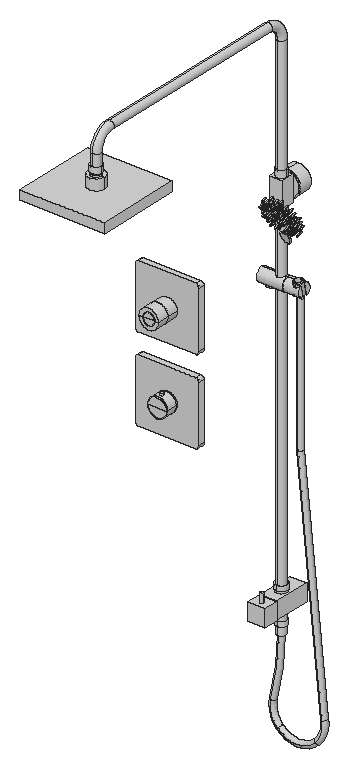
Revit family "Reece_Shower_American Standard_Cygnet_Shower Set_Twin Rail _Square", category Plumbing Fixtures, Revit 2018 (continued)
Definition of nested family "Reece_Shower_American Standard_Cygnet_Shower Rose_Square_Nested"
  Automatic sketch dimensions
    plane 5 to Extrusion 3 sketch curve = 1 mm
    plane 4 to Extrusion 3 sketch curve = 1 mm
    Extrusion 3 sketch curve to plane 7 = 1 mm
    Extrusion 3 sketch curve to plane 6 = 1 mm
    Extrusion 4 sketch curve to plane 5 = 0 mm
    Extrusion 4 sketch curve to plane 4 = 0 mm
    plane 7 to Extrusion 4 sketch curve = 0 mm
    Extrusion 4 sketch curve to plane 6 = 0 mm
    plane 5 to Extrusion 5 sketch curve = 21 mm  (x3)
    Extrusion 5 sketch curve to Extrusion 5 sketch curve = 0 mm  (x94)
    Extrusion 5 sketch curve to Extrusion 5 sketch curve = 4 mm  (x287)
    Extrusion 5 sketch curve to Extrusion 5 sketch curve = 10 mm  (x142)
    Extrusion 5 sketch curve to plane 1 "Center (Front/Back)" = 5 mm  (x12)
    Extrusion 5 sketch curve to plane 3 "Center (Left/Right)" = 9 mm  (x12)
    plane 3 "Center (Left/Right)" to Extrusion 5 sketch curve = 5 mm  (x12)
    Extrusion 5 sketch curve to Extrusion 5 sketch curve = 8.225 mm
    Extrusion 5 sketch curve to Extrusion 5 sketch curve = 5.775 mm
    plane 1 "Center (Front/Back)" to Extrusion 5 sketch curve = 5 mm  (x12)
    plane 5 to Extrusion 6 sketch curve = 1 mm
    plane 4 to Extrusion 6 sketch curve = 1 mm
    Extrusion 6 sketch curve to plane 7 = 1 mm
    Extrusion 6 sketch curve to plane 6 = 1 mm
Definition of nested family "Reece_Shower_American Standard_EasySet_Thermostatic Mixer_Nested"
  Parameters (values of type "Chrome")
    Waste Connection = no
    WFU = 0
    Vent Connection = no
    URL = ""
    Type Comments = ""
    Reece_Material_Main [instance] = none
    Model = ""
    Manufacturer = ""
    Keynote = ""
    HWFU = 0
    HW Connection = no
    Description = ""
    Default Elevation = 0 mm
    Cost = 0
    CWFU = 0
    CW Connection = no
    Assembly Code = ""
  Reference planes
    plane 1 "Center (Front/Back)": y = 0
    plane 2: z = 0
    plane 3 "Center (Left/Right)": x = 0
    plane 4: x = 75.5
    plane 5: x = -75.5
    plane 6: y = 75.5
    plane 7: y = -75.5
  Forms (mm)
    Extrusion 1, solid
      sketch origin (619.2, 20, 0) x (1, 0, 0) y (0, 1, 0)
        loop
          line (-819.2, 180) -> (-819.2, -220) -> (-419.2, -220) -> (-419.2, 180) -> (-819.2, 180)
      from 0 to -35.776
    Extrusion 2, solid, material <- "Reece_Material_Main"
      sketch origin (0, 0, 0) x (1, 0, 0) y (0, 1, 0)
        loop
          arc (-67.5, 75.5) -> (-73.157, 73.157) -> (-75.5, 67.5) r 8
          line (-75.5, 67.5) -> (-75.5, -67.5)
          arc (-75.5, -67.5) -> (-73.157, -73.157) -> (-67.5, -75.5) r 8
          line (-67.5, -75.5) -> (67.5, -75.5)
          arc (67.5, -75.5) -> (73.157, -73.157) -> (75.5, -67.5) r 8
          line (75.5, -67.5) -> (75.5, 67.5)
          arc (75.5, 67.5) -> (73.157, 73.157) -> (67.5, 75.5) r 8
          line (67.5, 75.5) -> (-67.5, 75.5)
      from 0 to 13.5
    Revolve 3, solid, material <- "Reece_Material_Main"
      sketch origin (0, 0, 0) x (1, 0, 0) y (0, 0, 1)
        loop
          line (0, 43.5) -> (-22, 43.5)
          arc (-22, 43.5) -> (-22.707, 43.207) -> (-23, 42.5) r 1
          line (-23, 42.5) -> (-23, 16.5) -> (-22, 16.5) -> (-22, 15.5) -> (-23, 15.5) -> (-23, 13.5) -> (0, 13.5) -> (0, 43.5)
        axis (0, 43.5) -> (0, 13.5)
      angle from 0 to 360
    Extrusion 4, solid, material <- "Reece_Material_Main"
      sketch origin (0, 0, 2.509) x (1, 0, 0) y (0, 0, 1)
        loop
          circle (0, 27.491) r 4
      from 22 to 26
    Extrusion 5, void
      sketch origin (0, 0, 0) x (1, 0, 0) y (0, 1, 0)
        loop
          circle (0, 0) r 22.5
      from 0 to 13.5
  Cuts and joins
    Extrusion 5 cuts Extrusion 2
    joined: Extrusion 2, Revolve 3, Extrusion 4
  Text (mm)
    text "Reece Copyright © 2018, Reece Ltd." at (-684.407, -223.434, 0), in view "Ref. Level"
    text "Reece ©" at (290.323, 26.521, 334.836), in view "Reece_Preview"
  Dimensions and locks
    plane 5 to plane 4 = 151 mm
    plane 6 to plane 7 = 151 mm
    equal spacing: plane 5, plane 3 "Center (Left/Right)", plane 4
    equal spacing: plane 6, plane 1 "Center (Front/Back)", plane 7
    aligned and locked: Extrusion 1 to plane 2
    aligned and locked: level to Extrusion 1
    aligned and locked: Revolve 3 sketch curve to plane 3 "Center (Left/Right)"
  Automatic sketch dimensions
    Extrusion 1 sketch curve to Extrusion 1 sketch curve = 400 mm  (x2)
    Extrusion 2 sketch curve to plane 5 = 0 mm
    Extrusion 2 sketch curve to plane 7 = 0 mm
    Extrusion 2 sketch curve to plane 6 = 0 mm
    Extrusion 2 sketch curve to plane 4 = 0 mm
    Extrusion 2 sketch curve to plane 5 = 8 mm
    Extrusion 2 sketch curve to Extrusion 2 sketch curve = 8 mm  (x2)
    plane 4 to Extrusion 2 sketch curve = 8 mm
    Extrusion 4 sketch curve to plane 3 "Center (Left/Right)" = 0 mm
    level to Extrusion 4 sketch curve = 30 mm
    Revolve 3 sketch curve to Revolve 3 sketch curve = 22 mm
    Revolve 3 sketch curve to Revolve 3 sketch curve = 23 mm
    level to Revolve 3 sketch curve = 13.5 mm
    Revolve 3 sketch curve to Revolve 3 sketch curve = 0 mm  (x2)
    Revolve 3 sketch curve to level = 6.5 mm
    Revolve 3 sketch curve to Revolve 3 sketch curve = 2 mm
    Revolve 3 sketch curve to Revolve 3 sketch curve = 26 mm
    Revolve 3 sketch curve to Revolve 3 sketch curve = 10 mm
    Revolve 3 sketch curve to Revolve 3 sketch curve = 1 mm
    Revolve 3 sketch curve to plane 3 "Center (Left/Right)" = 0 mm
    plane 1 "Center (Front/Back)" to Extrusion 5 sketch curve = 0 mm
    Extrusion 5 sketch curve to plane 3 "Center (Left/Right)" = 0 mm
    radius of Extrusion 4 sketch curve = 4 mm
    radius of Extrusion 5 sketch curve = 22.5 mm
Definition of nested family "Reece_Shower_American Standard_EasySET_Hand Shower Controller_Nested"
  Parameters (values of type "Chrome")
    Waste Connection = no
    WFU = 0
    Vent Connection = no
    URL = ""
    Type Comments = ""
    Reece_Material_Main [instance] = none
    Model = ""
    Manufacturer = ""
    Keynote = ""
    HWFU = 0
    HW Connection = no
    Description = ""
    Default Elevation = 0 mm
    Cost = 0
    CWFU = 0
    CW Connection = no
    Assembly Code = ""
  Reference planes
    plane 1 "Center (Front/Back)": y = 0
    plane 2: z = 0
    plane 3 "Center (Left/Right)": x = 0
    plane 4: x = 75.5
    plane 5: x = -75.5
    plane 6: y = 75.5
    plane 7: y = -75.5
  Forms (mm)
    Extrusion 1, solid
      sketch origin (619.2, 20, 0) x (1, 0, 0) y (0, 1, 0)
        loop
          line (-819.2, 180) -> (-819.2, -220) -> (-419.2, -220) -> (-419.2, 180) -> (-819.2, 180)
      from 0 to -35.776
    Extrusion 2, solid, material <- "Reece_Material_Main"
      sketch origin (0, 0, 0) x (1, 0, 0) y (0, 1, 0)
        loop
          arc (-67.5, 75.5) -> (-73.157, 73.157) -> (-75.5, 67.5) r 8
          line (-75.5, 67.5) -> (-75.5, -67.5)
          arc (-75.5, -67.5) -> (-73.157, -73.157) -> (-67.5, -75.5) r 8
          line (-67.5, -75.5) -> (67.5, -75.5)
          arc (67.5, -75.5) -> (73.157, -73.157) -> (75.5, -67.5) r 8
          line (75.5, -67.5) -> (75.5, 67.5)
          arc (75.5, 67.5) -> (73.157, 73.157) -> (67.5, 75.5) r 8
          line (67.5, 75.5) -> (-67.5, 75.5)
      from 0 to 13.5
    Revolve 3, solid, material <- "Reece_Material_Main"
      sketch origin (0, 0, 0) x (1, 0, 0) y (0, 0, 1)
        loop
          line (0, 68.5) -> (-23, 68.5) -> (-23, 41.5) -> (-22, 41.5) -> (-22, 40.5) -> (-23, 40.5) -> (-23, 13.5) -> (0, 13.5) -> (0, 68.5)
        axis (0, 68.5) -> (0, 13.5)
      angle from 0 to 360
    Extrusion 4, void
      sketch origin (0, 0, 0) x (1, 0, 0) y (0, 1, 0)
        loop
          circle (0, 0) r 13.8
        loop
          circle (0, 0) r 14
      from 68 to 69.956
    Extrusion 5, void
      sketch origin (0, 0, 0) x (1, 0, 0) y (0, 1, 0)
        loop
          circle (0, 0) r 22.5
      from 0 to 13.5
  Cuts and joins
    Extrusion 4, Extrusion 5 cuts Extrusion 2
    Extrusion 4 cuts Revolve 3
    joined: Extrusion 2, Revolve 3
  Text (mm)
    text "Reece Copyright © 2018, Reece Ltd." at (-684.407, -223.434, 0), in view "Ref. Level"
    text "Reece ©" at (290.323, 26.521, 334.836), in view "Reece_Preview"
  Dimensions and locks
    plane 5 to plane 4 = 151 mm
    plane 6 to plane 7 = 151 mm
    equal spacing: plane 5, plane 3 "Center (Left/Right)", plane 4
    equal spacing: plane 6, plane 1 "Center (Front/Back)", plane 7
    aligned and locked: Extrusion 1 to plane 2
    aligned and locked: level to Extrusion 1
    aligned and locked: Revolve 3 sketch curve to plane 3 "Center (Left/Right)"
  Automatic sketch dimensions
    Extrusion 1 sketch curve to Extrusion 1 sketch curve = 400 mm  (x2)
    Extrusion 2 sketch curve to plane 5 = 0 mm
    Extrusion 2 sketch curve to plane 7 = 0 mm
    Extrusion 2 sketch curve to plane 6 = 0 mm
    Extrusion 2 sketch curve to plane 4 = 0 mm
    Extrusion 2 sketch curve to plane 5 = 8 mm
    Extrusion 2 sketch curve to Extrusion 2 sketch curve = 8 mm  (x2)
    plane 4 to Extrusion 2 sketch curve = 8 mm
    Revolve 3 sketch curve to plane 3 "Center (Left/Right)" = 0 mm
    Revolve 3 sketch curve to plane 3 "Center (Left/Right)" = 22 mm
    Revolve 3 sketch curve to Revolve 3 sketch curve = 1 mm  (x2)
    Revolve 3 sketch curve to Revolve 3 sketch curve = 0 mm
    level to Revolve 3 sketch curve = 13.5 mm
    Revolve 3 sketch curve to Revolve 3 sketch curve = 27 mm  (x2)
    Revolve 3 sketch curve to level = 6.5 mm
    Revolve 3 sketch curve to Revolve 3 sketch curve = 15 mm
    plane 1 "Center (Front/Back)" to Extrusion 4 sketch curve = 0 mm
    Extrusion 4 sketch curve to plane 3 "Center (Left/Right)" = 0 mm
    Extrusion 4 sketch curve to Extrusion 4 sketch curve = 0 mm  (x2)
    plane 1 "Center (Front/Back)" to Extrusion 5 sketch curve = 0 mm
    Extrusion 5 sketch curve to plane 3 "Center (Left/Right)" = 0 mm
    radius of Extrusion 4 sketch curve = 13.8 mm
    radius of Extrusion 4 sketch curve = 14 mm
    radius of Extrusion 5 sketch curve = 22.5 mm
Types (2, lengths in mm): name | Keynote
  (no name) | "Product #9508981, Reece_Shower_American Standard_Cygnet_Shower Set_Twin Rail _Square -  "
  Chrome | "Product #9508981, Reece_Shower_American Standard_Cygnet_Shower Set_Twin Rail _Square - Chrome"
